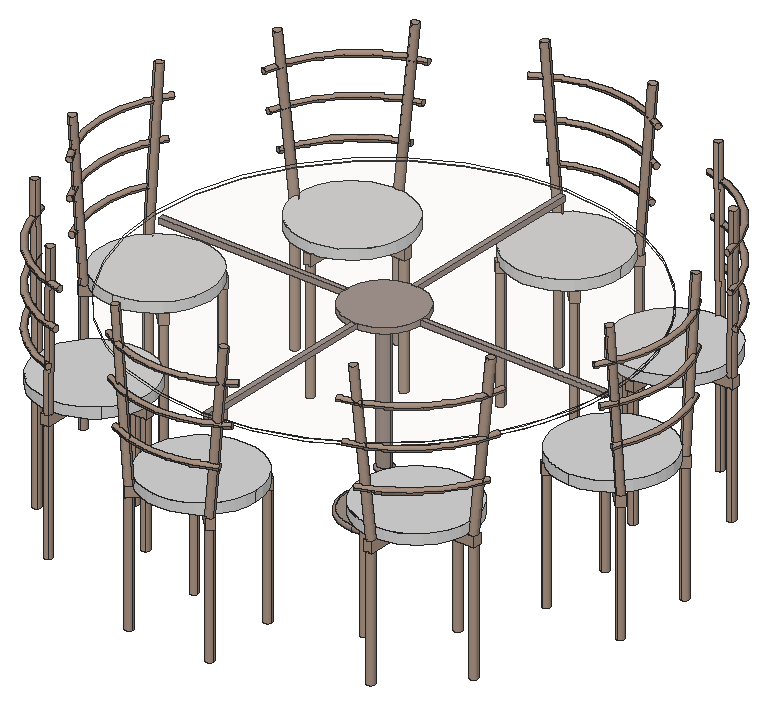
Revit family
Parameters (values of type "1200 mm dia")
  Material of base = Base Material
  Material of Top = Glass Top Material
  Material of Chair Upholstry = Material of Upholstry - Chair
  Material of Chair Frame = Material of Chair Frame
  Height of Table = 750 mm
  Diameter of Base = 300 mm
Reference planes
  plane 1 "Center (Front/Back)": y = 0
  plane 2: z = 0
  plane 3 "Center (Left/Right)": x = 0
  plane 4: through (0, 0, 4000) normal (-0.7071, -0.7071, 0)
  plane 5: through (0, 0, 4000) normal (-0.7071, 0.7071, 0)
Dimensions and locks
  aligned and locked: nested 6 to plane 4
  aligned and locked: plane 4 to nested 7
  aligned and locked: nested 8 to plane 5
  aligned and locked: nested 1 to nested 4
  aligned and locked: nested 1 to nested 5
  aligned and locked: nested 1 to nested 2
  aligned and locked: nested 1 to nested 3
Nested families
  nested 1: "Table Dining - Circular" at (0, 0, 0), type "1800 mm dia"
    with Diameter-Glass 1800 mm
  nested 2: "Chair Dining" at (0, 900, 0), type "Chair Dining"
  nested 3: "Chair Dining" at (0, -900, 0), type "Chair Dining"
  nested 4: "Chair Dining" at (-900, 0, 0) x (0, 1, 0) z (0, 0, 1), type "Chair Dining"
  nested 5: "Chair Dining" at (900, 0, 0) x (0, 1, 0) z (0, 0, 1), type "Chair Dining"
  nested 6: "Chair Dining" at (-636.394, 636.394, 0) x (0.7071, 0.7071, 0) z (0, 0, 1), type "Chair Dining"
  nested 7: "Chair Dining" at (636.394, -636.394, 0) x (0.7071, 0.7071, 0) z (0, 0, 1), type "Chair Dining"
  nested 8: "Chair Dining" at (636.394, 636.394, 0) x (-0.7071, 0.7071, 0) z (0, 0, 1), type "Chair Dining"
  nested 9: "Chair Dining" at (-636.394, -636.394, 0) x (-0.7071, 0.7071, 0) z (0, 0, 1), type "Chair Dining"
Definition of nested family "Table Dining - Circular"
  Parameters (values of type "1000 mm dia")
    Top Material = Glass - Top
    Base Material = Wood
    Height = 750 mm
    Diameter-Base = 300 mm
    Diameter-Glass = 1000 mm
  Reference planes
    plane 1 "Center (Front/Back)": y = 0
    plane 2: z = 0
    plane 3 "Center (Left/Right)": x = 0
    plane 4: x = -500
    plane 5: x = 500
    plane 6: y = 500
    plane 7: y = -500
    plane 8: z = 750
    plane 9: y = 150
    plane 10: y = -150
    plane 11: x = -150
    plane 12: x = 150
  Forms (mm)
    Extrusion 1, solid, material "Glass - Top" <- "Top Material"
      sketch origin (0, 0, 750) x (0, 1, 0) y (-1, 0, 0)
        loop
          circle (0, 0) r 500
      from 0 to -12
    Extrusion 2, solid, material "Wood" <- "Base Material"
      sketch origin (0, 0, 750) x (0, 1, 0) y (-1, 0, 0)
        loop
          circle (0, 0) r 150
      from -12 to -32
    Extrusion 3, solid, material "Wood" <- "Base Material"
      sketch origin (0, 0, 0) x (1, 0, 0) y (0, 1, 0)
        loop
          circle (0, 0) r 150
      from 0 to 20
    Extrusion 4, solid, material "Wood" <- "Base Material"
      sketch origin (0, 0, 0) x (1, 0, 0) y (0, 1, 0)
        loop
          circle (0, 0) r 24.87
      from 20 to 718
    Sweep 5, solid, material "Wood" <- "Base Material"
      path in 3D
        loop
          arc (0, 150, 20) -> (150, 0, 20) -> (0, -150, 20) r 150
          arc (0, -150, 20) -> (-150, 0, 20) -> (0, 150, 20) r 150
      profile origin (0, 0, 0) x (-1, 0, 0) y (0, 0, 1)
        loop
          line (150, 20) -> (150, 0)
          arc (150, 0) -> (160, 10) -> (150, 20) r 10
    Sweep 6, solid, material "Wood" <- "Base Material"
      path in 3D
        loop
          arc (24.87, 0, 718) -> (0, -24.87, 718) -> (-24.87, 0, 718) r 24.87
          arc (-24.87, 0, 718) -> (0, 24.87, 718) -> (24.87, 0, 718) r 24.87
      profile origin (0, 0, 0) x (0, 1, 0) y (0, 0, 1)
        loop
          line (24.87, 718) -> (24.87, 702.551)
          arc (24.87, 702.551) -> (32.594, 710.275) -> (24.87, 718) r 7.725
    Sweep 7, solid, material "Wood" <- "Base Material"
      path in 3D
        loop
          arc (24.87, 0, 718) -> (0, -24.87, 718) -> (-24.87, 0, 718) r 24.87
          arc (-24.87, 0, 718) -> (0, 24.87, 718) -> (24.87, 0, 718) r 24.87
      profile origin (0, 0, 0) x (0, 1, 0) y (0, 0, 1)
        loop
          arc (24.87, 20) -> (32.582, 27.713) -> (24.87, 35.425) r 7.713
          line (24.87, 35.425) -> (24.87, 20)
    Sweep 8, solid, material "Wood" <- "Base Material"
      path in 3D
        loop
          arc (-24.87, 0, 305.149) -> (0, 24.87, 305.149) -> (24.87, 0, 305.149) r 24.87
          arc (24.87, 0, 305.149) -> (0, -24.87, 305.149) -> (-24.87, 0, 305.149) r 24.87
      profile origin (0, 0, 0) x (0, -1, 0) y (0, 0, 1)
        loop
          line (24.859, 169.99) -> (24.859, 155)
          arc (24.859, 155) -> (32.354, 162.495) -> (24.859, 169.99) r 7.495
    Sweep 9, solid, material "Wood" <- "Base Material"
      path in 3D
        loop
          arc (-24.87, 0, 237.866) -> (0, 24.87, 237.866) -> (24.87, 0, 237.866) r 24.87
          arc (24.87, 0, 237.866) -> (0, -24.87, 237.866) -> (-24.87, 0, 237.866) r 24.87
      profile origin (0, 0, 0) x (0, -1, 0) y (0, 0, 1)
        loop
          line (24.859, 102.707) -> (24.859, 87.718)
          arc (24.859, 87.718) -> (32.354, 95.213) -> (24.859, 102.707) r 7.495
    Extrusion 10, solid, material "Wood" <- "Base Material"
      sketch origin (0, 0, 750) x (0, 1, 0) y (-1, 0, 0)
        loop
          line (478.939, 10) -> (149.687, 10)
          arc (149.687, 10) -> (150.014, 0) -> (149.687, -10) r 153.253
          line (149.687, -10) -> (478.939, -10)
          arc (478.939, -10) -> (480, 0) -> (478.939, 10) r 47.662
      from -12 to -32
    Extrusion 11, solid, material "Wood" <- "Base Material"
      sketch origin (0, 0, 750) x (0, -1, 0) y (1, 0, 0)
        loop
          arc (478.939, -10) -> (480, 0) -> (478.939, 10) r 47.662
          line (478.939, 10) -> (149.687, 10)
          arc (149.687, 10) -> (150.014, 0) -> (149.687, -10) r 153.253
          line (149.687, -10) -> (478.939, -10)
      from -12 to -32
    Extrusion 12, solid, material "Wood" <- "Base Material"
      sketch origin (0, 0, 750) x (0, 1, 0) y (-1, 0, 0)
        loop
          line (10, -479.456) -> (10, -148.524)
          arc (10, -148.524) -> (0, -148.943) -> (-10, -148.524) r 119.448
          line (-10, -148.524) -> (-10, -479.456)
          arc (-10, -479.456) -> (0, -480.308) -> (10, -479.456) r 59.12
      from -12 to -32
    Extrusion 13, solid, material "Wood" <- "Base Material"
      sketch origin (0, 0, 750) x (0, 1, 0) y (-1, 0, 0)
        loop
          arc (10, 479.456) -> (0, 480.308) -> (-10, 479.456) r 59.12
          line (-10, 479.456) -> (-10, 149.703)
          arc (-10, 149.703) -> (0, 150.123) -> (10, 149.703) r 119.448
          line (10, 149.703) -> (10, 479.456)
      from -12 to -32
  Lines and regions (mm)
    sketch lines
      curve 1: arc (0, -150, 20) -> (-150, 0, 20) -> (0, 150, 20) r 150
      curve 2: arc (0, 150, 20) -> (150, 0, 20) -> (0, -150, 20) r 150
      curve 3: arc (-24.87, 0, 718) -> (0, 24.87, 718) -> (24.87, 0, 718) r 24.87
      curve 4: arc (24.87, 0, 718) -> (0, -24.87, 718) -> (-24.87, 0, 718) r 24.87
      curve 5: arc (-24.87, 0, 718) -> (0, 24.87, 718) -> (24.87, 0, 718) r 24.87
      curve 6: arc (24.87, 0, 718) -> (0, -24.87, 718) -> (-24.87, 0, 718) r 24.87
      curve 7: arc (24.87, 0, 305.149) -> (0, -24.87, 305.149) -> (-24.87, 0, 305.149) r 24.87
      curve 8: arc (-24.87, 0, 305.149) -> (0, 24.87, 305.149) -> (24.87, 0, 305.149) r 24.87
      curve 9: arc (24.87, 0, 237.866) -> (0, -24.87, 237.866) -> (-24.87, 0, 237.866) r 24.87
      curve 10: arc (-24.87, 0, 237.866) -> (0, 24.87, 237.866) -> (24.87, 0, 237.866) r 24.87
  Dimensions and locks
    equal spacing: plane 4, plane 3 "Center (Left/Right)", plane 5
    "Diameter-Glass": plane 4 to plane 5
    equal spacing: plane 7, plane 1 "Center (Front/Back)", plane 6
    "Diameter-Glass": plane 7 to plane 6
    equal spacing: plane 9, plane 1 "Center (Front/Back)", plane 10
    "Diameter-Base": plane 9 to plane 10
    equal spacing: plane 11, plane 3 "Center (Left/Right)", plane 12
    "Diameter-Base": plane 11 to plane 12
    "Height": plane 8 to level
    aligned and locked: Extrusion 1 sketch curve to plane 6
    aligned and locked: Extrusion 1 sketch curve to plane 7
    aligned and locked: plane 3 "Center (Left/Right)" to Extrusion 2 sketch curve
    aligned and locked: Extrusion 2 sketch curve to plane 10
    aligned and locked: Extrusion 3 sketch curve to Extrusion 2
    aligned and locked: Extrusion 2 to Extrusion 1
    aligned and locked: Extrusion 4 to Extrusion 2
    aligned and locked: Extrusion 4 to Extrusion 3
    aligned and locked: Extrusion 3 to level
    aligned and locked: profile plane to Sweep 5 sketch curve
    aligned and locked: Extrusion 2 to Sweep 6 sketch curve
    aligned and locked: profile plane to Sweep 6 sketch curve
    aligned and locked: Sweep 7 sketch curve to Extrusion 4
    aligned and locked: Extrusion 10 sketch curve to Extrusion 10 sketch curve
    aligned and locked: Extrusion 11 sketch curve to Extrusion 11 sketch curve
    aligned and locked: Extrusion 13 to Extrusion 1
    aligned and locked: Extrusion 12 to Extrusion 1
    aligned and locked: Extrusion 12 to Extrusion 2
    aligned and locked: Extrusion 2 to Extrusion 13
    aligned and locked: Extrusion 10 to Extrusion 2
    aligned and locked: Extrusion 10 to Extrusion 1
    aligned and locked: Extrusion 2 to Extrusion 11
    aligned and locked: Extrusion 11 to Extrusion 1
  Automatic sketch dimensions
    Extrusion 1 sketch curve to plane 3 "Center (Left/Right)" = 0 mm
    Extrusion 2 sketch curve to plane 1 "Center (Front/Back)" = 0 mm
    Extrusion 4 sketch curve to plane 1 "Center (Front/Back)" = 0 mm
    Extrusion 4 sketch curve to plane 3 "Center (Left/Right)" = 0 mm
    Sweep 5 sketch curve to Sweep 5 sketch curve = 10 mm
    Sweep 6 sketch curve to Sweep 6 sketch curve = 7.725 mm
    Sweep 7 sketch curve to profile plane = 0 mm
    Sweep 7 sketch curve to Sweep 7 sketch curve = 7.713 mm
    profile plane to Sweep 8 sketch curve = 0.01 mm
    Sweep 8 sketch curve to Sweep 8 sketch curve = 7.495 mm
    profile plane to Sweep 9 sketch curve = 0.01 mm
    Sweep 9 sketch curve to Sweep 9 sketch curve = 7.495 mm
    Extrusion 10 sketch curve to plane 3 "Center (Left/Right)" = 0 mm
    plane 1 "Center (Front/Back)" to Extrusion 10 sketch curve = 3.239 mm
    Extrusion 10 sketch curve to plane 9 = 0.313 mm
    plane 6 to Extrusion 10 sketch curve = 21.061 mm
    plane 3 "Center (Left/Right)" to Extrusion 10 sketch curve = 10 mm
    Extrusion 10 sketch curve to Extrusion 10 sketch curve = 0 mm
    Extrusion 10 sketch curve to Extrusion 10 sketch curve = 46.602 mm
    Extrusion 11 sketch curve to plane 3 "Center (Left/Right)" = 0 mm  (x2)
    Extrusion 11 sketch curve to plane 1 "Center (Front/Back)" = 3.239 mm
    plane 10 to Extrusion 11 sketch curve = 0.313 mm
    Extrusion 11 sketch curve to plane 7 = 67.662 mm
    Extrusion 11 sketch curve to plane 3 "Center (Left/Right)" = 10 mm
    Extrusion 11 sketch curve to plane 7 = 21.061 mm
    Extrusion 12 sketch curve to plane 1 "Center (Front/Back)" = 0 mm  (x2)
    Extrusion 12 sketch curve to plane 12 = 1.476 mm
    plane 1 "Center (Front/Back)" to Extrusion 12 sketch curve = 10 mm
    Extrusion 12 sketch curve to plane 1 "Center (Front/Back)" = 10 mm
    Extrusion 12 sketch curve to plane 5 = 78.811 mm
    Extrusion 12 sketch curve to plane 5 = 20.544 mm
    plane 3 "Center (Left/Right)" to Extrusion 12 sketch curve = 29.495 mm
    Extrusion 13 sketch curve to plane 1 "Center (Front/Back)" = 0 mm  (x2)
    plane 11 to Extrusion 13 sketch curve = 0.297 mm
    plane 1 "Center (Front/Back)" to Extrusion 13 sketch curve = 10 mm
    Extrusion 13 sketch curve to plane 1 "Center (Front/Back)" = 10 mm
    Extrusion 13 sketch curve to plane 3 "Center (Left/Right)" = 30.675 mm
    plane 4 to Extrusion 13 sketch curve = 78.811 mm
    plane 4 to Extrusion 13 sketch curve = 20.544 mm
    radius of Extrusion 4 sketch curve = 24.87 mm
Definition of nested family "Chair Dining"
  Parameters
    Material of Chair = Chair Material
    Material of Upholstry = Upholstry Material
  Reference planes
    plane 1 "Center (Front/Back)": y = 0
    plane 2: z = 0
    plane 3 "Center (Left/Right)": x = 0
    plane 4: y = 158.862
  Forms (mm)
    Extrusion 1, solid, material "Upholstry Material" <- "Material of Upholstry"
      sketch origin (0, 0.01, 0) x (1, 0, 0) y (0, 1, 0)
        loop
          circle (0, 0) r 215
      from 509.714 to 549.714
    Extrusion 2, solid, material "Chair Material" <- "Material of Chair"
      sketch origin (0, 0.01, 0) x (1, 0, 0) y (0, 1, 0)
        loop
          line (-166.17, -144.957) -> (-144.957, -166.17) -> (0, -21.213) -> (144.957, -166.17) -> (166.17, -144.957) -> (21.213, 0) -> (180.312, 159.099) -> (159.099, 180.312) -> (0, 21.213) -> (-159.099, 180.312) -> (-180.312, 159.099) -> (-21.213, 0) -> (-166.17, -144.957)
      from 509.714 to 469.714
    Extrusion 3, solid, material "Chair Material" <- "Material of Chair"
      sketch origin (0, 0.01, 0) x (1, 0, 0) y (0, 1, 0)
        loop
          circle (-159.293, 158.906) r 15
        loop
          circle (-145.152, -144.765) r 15
        loop
          circle (145.152, -144.765) r 15
        loop
          circle (159.293, 158.906) r 15
      from 0 to 469.714
    Sweep 4, solid, material "Chair Material" <- "Material of Chair"
      path origin (0, -41.153, 0) x (1, 0, 0) y (0, 1, 0)
        loop
          arc (-232.176, 136.96) -> (-2.745, 209.3) -> (226.686, 136.96) r 400
      profile origin (-2.745, 0, 0) x (0, 1, 0) y (0, 0, 1)
        loop
          circle (215.189, 1000) r 10
    Sweep 5, solid, material "Chair Material" <- "Material of Chair"
      path origin (0, -41.153, -150) x (1, 0, 0) y (0, 1, 0)
        loop
          arc (-217.665, 146.656) -> (-2.745, 209.3) -> (212.175, 146.656) r 400
      profile origin (-2.745, 0, 0) x (0, 1, 0) y (0, 0, 1)
        loop
          circle (215.189, 850) r 10
    Sweep 6, solid, material "Chair Material" <- "Material of Chair"
      path origin (0, -41.153, -300) x (1, 0, 0) y (0, 1, 0)
        loop
          arc (-187.444, 164.104) -> (-2.745, 209.3) -> (181.955, 164.104) r 400
      profile origin (-2.745, 0, 0) x (0, 1, 0) y (0, 0, 1)
        loop
          circle (215.189, 700) r 10
    Sweep 7, solid, material "Chair Material" <- "Material of Chair"
      path origin (49.733, 158.862, 1.048) x (1, 0, 0) y (0, 0, 1)
        loop
          line (109.745, 508.667) -> (163.781, 1126.307)
      profile origin (72.485, 0, 828.509) x (-0.996195, 0, 0.087156) y (0, -1, 0)
        loop
          circle (-114.447, -158.862) r 15
    Sweep 8, solid, material "Chair Material" <- "Material of Chair"
      path origin (-49.733, 158.862, 1.048) x (-1, 0, 0) y (0, 0, -1)
        loop
          line (109.745, -508.667) -> (163.781, -1126.307)
      profile origin (-72.485, 0, 828.509) x (0.996195, 0, 0.087156) y (0, 1, 0)
        loop
          circle (-114.447, 158.862) r 15
  Dimensions and locks
    radius of Extrusion 1 = 215 mm
    aligned and locked: Extrusion 2 sketch curve to Extrusion 2 sketch curve  (x2)
    aligned and locked: Extrusion 3 to Extrusion 2
    aligned and locked: Extrusion 1 to Extrusion 2
